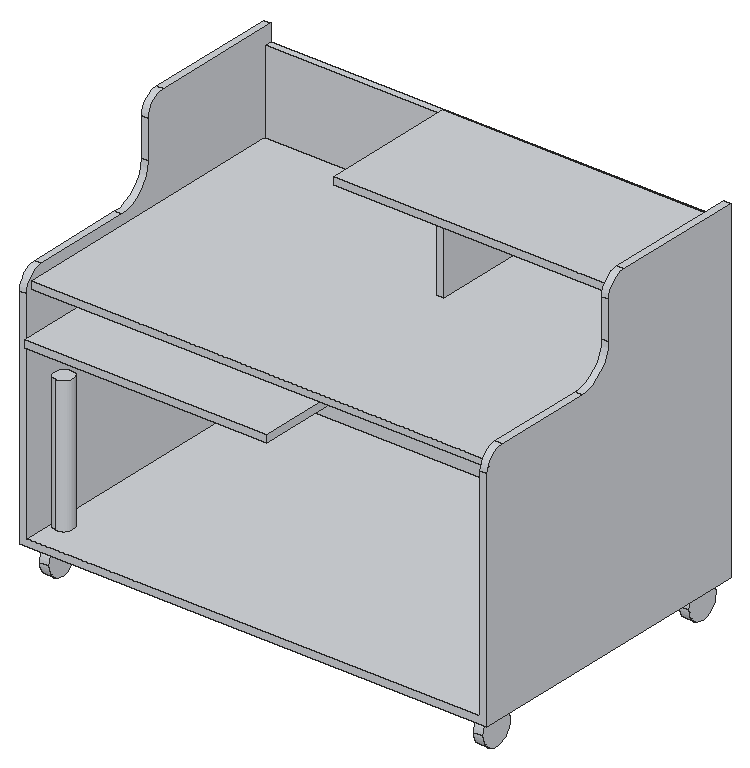
Revit family "Cabinet Lab Workstation", category Furniture, host Floor, Revit 2011
Parameters (values of type "Lab Workstation")
  Width = 49 1/2"
  Wheel Height = 3 1/2"
  URL = "http://www.wengercorp.com/Home/Contact.html"
  Part Number = ""
  Manufacturer = "Wenger Corporation"
  Length = 32.24"
  Keynote = "Wenger Cabinet Lab Workstation"
  Height [instance] = 39"
  Actual Height [instance] = if(Height < 39", 39", if(Height > 46", 46", Height))  # 39"
  Description = "Lab Workstation"
  Assembly Code = ""
Types (2): name | Height | Actual Height
  Lab Workstation | 39" | 39"
  Cabinet Lab Workstation | 42 1/2" | 42 1/2"
Reference planes (in)
  plane 1 "Center (Front/Back)": y = 0
  plane 2: z = 0
  plane 3 "Center (Left/Right)": x = 0
  plane 4 "Left Side": x = 24.75
  plane 5 "Right Side": x = -24.75
  plane 6 "Front": y = -16.12
  plane 7 "Back": y = 16.12
  plane 8 "Height Wheel": z = 3.5
  plane 9 "Bottom of Cabinet": z = 3.5
  plane 10: z = 39
  plane 11 "ehh": z = 28.5
  plane 12 "Almost Top": z = 37.75
  plane 13: z = 25.75
  plane 14: z = 25
  plane 15: z = 27.75
  plane 16: z = 29.5
  plane 17: z = 4.25
  plane 18: z = 37
Forms (in)
  Extrusion 1, solid
    sketch origin (24.75, 0, 0) x (0, 1, 0) y (0, 0, 1)
      loop
        line (-16.12, 3.5) -> (16.12, 3.5) -> (16.12, 39) -> (2, 39)
        arc (2, 39) -> (0.58579, 38.41421) -> (0, 37) r 2
        line (0, 37) -> (0, 33)
        arc (0, 33) -> (-1.02513, 30.52513) -> (-3.5, 29.5) r 3.5
        line (-3.5, 29.5) -> (-14.12, 29.5)
        arc (-14.12, 29.5) -> (-15.53421, 28.91421) -> (-16.12, 27.5) r 2
        line (-16.12, 27.5) -> (-16.12, 3.5)
    from 0 to -0.75
  Extrusion 2, solid
    sketch origin (-24.75, 0, 0) x (0, 1, 0) y (0, 0, 1)
      loop
        line (-16.12, 3.5) -> (16.12, 3.5) -> (16.12, 39) -> (2, 39)
        arc (2, 39) -> (0.58579, 38.41421) -> (0, 37) r 2
        line (0, 37) -> (0, 33)
        arc (0, 33) -> (-1.02513, 30.52513) -> (-3.5, 29.5) r 3.5
        line (-3.5, 29.5) -> (-14.12, 29.5)
        arc (-14.12, 29.5) -> (-15.53421, 28.91421) -> (-16.12, 27.5) r 2
        line (-16.12, 27.5) -> (-16.12, 3.5)
    from 0 to 0.75
  Extrusion 3, solid
    sketch origin (0, 0, 3.5) x (0, -1, 0) y (1, 0, 0)
      loop
        line (-16.12, -24) -> (-15.37, -24) -> (-15.37, 24) -> (-16.12, 24) -> (-16.12, -24)
    from 0 to 33.75
  Extrusion 4, solid
    sketch origin (24.75, 0, 0) x (0, 1, 0) y (0, 0, 1)
      loop
        line (15.37, 28.5) -> (-15.63, 28.5) -> (-15.63, 27.75) -> (15.37, 27.75) -> (15.37, 28.5)
    from 0 to -49.5
  Extrusion 5, solid
    sketch origin (24.75, 0, 0) x (0, 1, 0) y (0, 0, 1)
      loop
        line (15.37, 3.5) -> (15.37, 4.25) -> (-16.12, 4.25) -> (-16.12, 3.5) -> (15.37, 3.5)
    from 0 to -49.5
  Extrusion 6, solid
    sketch origin (3.75, 0, -0.26776) x (1, 0, 0) y (0, 0, 1)
      loop
        line (0, 37.26776) -> (0, 28.76776) -> (0.75, 28.76776) -> (0.75, 37.26776) -> (0, 37.26776)
    from -15.37 to -3.43999
  Extrusion 7, solid
    sketch origin (-24.75, 0, 0) x (0, 1, 0) y (0, 0, 1)
      loop
        line (15.37, 37) -> (15.37, 37.75) -> (0.87, 37.75) -> (0.87, 37) -> (15.37, 37)
    from 19.62092 to 49.5
  Extrusion 8, solid
    sketch origin (-24.75, 0, -2) x (0, 1, 0) y (0, 0, 1)
      loop
        line (3.58301, 27.75) -> (-19.91699, 27.75) -> (-19.91699, 27) -> (3.58301, 27) -> (3.58301, 27.75)
    from 3.59253 to 29.23795
  Extrusion 9, solid
    sketch origin (-23.4375, 2.75, 0) x (0, 1, 0) y (0, 0, 1)
      loop
        circle (-16.12, 1.75) r 1.75
    from 0 to 1
  Extrusion 10, solid
    sketch origin (-23.4375, 30, 0) x (0, 1, 0) y (0, 0, 1)
      loop
        circle (-16.12, 1.75) r 1.75
    from 0 to 1
  Extrusion 11, solid
    sketch origin (23.53125, 2.75, 0) x (0, 1, 0) y (0, 0, -1)
      loop
        circle (-16.12, -1.75) r 1.75
    from 0 to 1
  Extrusion 12, solid
    sketch origin (23.53125, 30, 0) x (0, 1, 0) y (0, 0, -1)
      loop
        circle (-16.12, -1.75) r 1.75
    from 0 to 1
  Extrusion 13, solid
    sketch origin (-0.75, -0.875, 3.5) x (0, -1, 0) y (1, 0, 0)
      loop
        circle (11.62, 23.75) r 1
    from -0.25 to 0
  Extrusion 14, solid
    sketch origin (-0.75, 1.375, 3.5) x (0, 1, 0) y (-1, 0, 0)
      loop
        circle (11.62, -23.75) r 1
    from -0.25 to 0
  Extrusion 15, solid
    sketch origin (0.75, -0.875, 3.5) x (0, -1, 0) y (1, 0, 0)
      loop
        circle (11.62, -23.75) r 1
    from -0.25 to 0
  Extrusion 16, solid
    sketch origin (0.75, 1.375, 3.5) x (0, 1, 0) y (-1, 0, 0)
      loop
        circle (11.62, 23.75) r 1
    from -0.25 to 0
  Extrusion 17, solid
    sketch origin (0, 0, 3.5) x (0, -1, 0) y (1, 0, 0)
      loop
        circle (-12.995, 23) r 1
    from 0.75 to 15
  Extrusion 18, solid
    sketch origin (0, 0, 3.5) x (0, -1, 0) y (1, 0, 0)
      loop
        circle (-12.995, -23) r 1
    from 0.75 to 15
  Extrusion 19, solid
    sketch origin (0, 0.5, 3.5) x (0, 1, 0) y (-1, 0, 0)
      loop
        circle (-12.995, -23) r 1
    from 0.75 to 15
  Extrusion 20, solid
    sketch origin (0, 0.5, 3.5) x (0, 1, 0) y (-1, 0, 0)
      loop
        circle (-12.995, 23) r 1
    from 0.75 to 15
Cuts and joins
  joined: Extrusion 1, Extrusion 2, Extrusion 4, Extrusion 5, Extrusion 7
Dimensions and locks (in)
  equal spacing: host sketch curve, plane 1 "Center (Front/Back)", host sketch curve
  equal spacing: host sketch curve, plane 3 "Center (Left/Right)", host sketch curve
  host sketch curve to host sketch curve = 120"  (x2)
  equal spacing: plane 5 "Right Side", plane 3 "Center (Left/Right)", plane 4 "Left Side"
  "Width": plane 5 "Right Side" to plane 4 "Left Side"
  equal spacing: plane 7 "Back", plane 1 "Center (Front/Back)", plane 6 "Front"
  "Length": plane 7 "Back" to plane 6 "Front"
  locked: plane 8 "Height Wheel" to level at 3.5
  locked: plane 10 to plane 9 "Bottom of Cabinet" at 35.5
  locked: plane 10 to plane 12 "Almost Top" at 1.25
  locked: plane 12 "Almost Top" to plane 18 at 0.75
  locked: plane 18 to plane 11 "ehh" at 8.5
  locked: plane 11 "ehh" to plane 15 at 0.75
  locked: plane 15 to plane 13 at 2
  locked: plane 13 to plane 14 at 0.75
  locked: plane 9 "Bottom of Cabinet" to plane 17 at 0.75
  locked: plane 11 "ehh" to plane 16 at 1
  "Actual Height": plane 10 to level
  aligned and locked: level to plane 2
  aligned and locked: Extrusion 1 sketch curve to plane 9 "Bottom of Cabinet"
  aligned and locked: Extrusion 1 sketch curve to plane 6 "Front"
  aligned and locked: plane 7 "Back" to Extrusion 1 sketch curve
  aligned and locked: plane 11 "ehh" to Extrusion 4 sketch curve
  aligned and locked: Extrusion 3 to Extrusion 5 sketch curve
  aligned and locked: Extrusion 7 sketch curve to plane 12 "Almost Top"
  aligned and locked: plane 13 to Extrusion 8 sketch curve
  aligned and locked: Extrusion 8 sketch curve to plane 14
  aligned and locked: Extrusion 4 sketch curve to plane 15
  aligned and locked: plane 10 to Extrusion 1 sketch curve
  aligned and locked: plane 16 to Extrusion 1 sketch curve
  aligned and locked: plane 18 to Extrusion 7 sketch curve
  aligned and locked: Extrusion 2 sketch curve to plane 10
  aligned and locked: Extrusion 2 sketch curve to plane 16
  aligned and locked: plane 9 "Bottom of Cabinet" to Extrusion 2 sketch curve
  aligned and locked: Extrusion 6 to cut or joined group of Extrusion 1, Extrusion 2, Extrusion 4, Extrusion 5, Extrusion 7
  aligned and locked: Extrusion 6 to plane 11 "ehh"
  aligned: plane 8 "Height Wheel" to Extrusion 13
  aligned: plane 8 "Height Wheel" to Extrusion 14
  aligned: plane 8 "Height Wheel" to Extrusion 16
  aligned: plane 8 "Height Wheel" to Extrusion 15
  aligned and locked: plane 9 "Bottom of Cabinet" to Extrusion 13
  aligned and locked: plane 9 "Bottom of Cabinet" to Extrusion 14
  aligned and locked: plane 9 "Bottom of Cabinet" to Extrusion 15
  aligned and locked: plane 9 "Bottom of Cabinet" to Extrusion 16
Automatic sketch dimensions
  Extrusion 2 sketch curve to plane 6 "Front" = 0"
  Extrusion 2 sketch curve to plane 1 "Center (Front/Back)" = 0"
  Extrusion 2 sketch curve to plane 7 "Back" = 0"
  plane 6 "Front" to Extrusion 2 sketch curve = 2"
  plane 1 "Center (Front/Back)" to Extrusion 2 sketch curve = 3 1/2"
  Extrusion 2 sketch curve to Extrusion 2 sketch curve = 2"
  Extrusion 3 sketch curve to plane 7 "Back" = 0"
  Extrusion 3 sketch curve to Extrusion 3 sketch curve = 3/4"
  plane 5 "Right Side" to Extrusion 3 sketch curve = 3/4"
  Extrusion 3 sketch curve to plane 4 "Left Side" = 3/4"
  plane 6 "Front" to Extrusion 4 sketch curve = 0.49"
  Extrusion 4 sketch curve to plane 7 "Back" = 3/4"
  Extrusion 5 sketch curve to plane 6 "Front" = 0"
  Extrusion 5 sketch curve to plane 7 "Back" = 3/4"
  plane 9 "Bottom of Cabinet" to Extrusion 5 sketch curve = 3/4"
  Extrusion 6 sketch curve to plane 11 "ehh" = 0"
  plane 3 "Center (Left/Right)" to Extrusion 6 sketch curve = 3 3/4"
  Extrusion 6 sketch curve to Extrusion 6 sketch curve = 3/4"
  Extrusion 6 sketch curve to plane 10 = 2"
  Extrusion 7 sketch curve to plane 1 "Center (Front/Back)" = 0.87"
  Extrusion 7 sketch curve to plane 7 "Back" = 3/4"
  Extrusion 8 sketch curve to plane 6 "Front" = 3.79699"
  Extrusion 8 sketch curve to plane 1 "Center (Front/Back)" = 3.58301"
  plane 6 "Front" to Extrusion 9 sketch curve = 2 3/4"
  level to Extrusion 9 sketch curve = 1 3/4"
  Extrusion 10 sketch curve to plane 7 "Back" = 2.24"
  level to Extrusion 10 sketch curve = 1 3/4"
  plane 6 "Front" to Extrusion 11 sketch curve = 2 3/4"
  level to Extrusion 11 sketch curve = 1 3/4"
  Extrusion 12 sketch curve to plane 7 "Back" = 2.24"
  level to Extrusion 12 sketch curve = 1 3/4"
  plane 7 "Back" to Extrusion 14 sketch curve = 3 1/8"
  plane 4 "Left Side" to Extrusion 14 sketch curve = 1 3/4"
  Extrusion 15 sketch curve to plane 5 "Right Side" = 1 3/4"
  Extrusion 15 sketch curve to plane 6 "Front" = 3 5/8"
  Extrusion 16 sketch curve to plane 7 "Back" = 3 1/8"
  plane 5 "Right Side" to Extrusion 16 sketch curve = 1 3/4"
  Extrusion 17 sketch curve to plane 7 "Back" = 3 1/8"
  Extrusion 17 sketch curve to plane 4 "Left Side" = 1 3/4"
  plane 7 "Back" to Extrusion 18 sketch curve = 3 1/8"
  Extrusion 18 sketch curve to plane 5 "Right Side" = 1 3/4"
  Extrusion 19 sketch curve to plane 6 "Front" = 3 5/8"
  plane 4 "Left Side" to Extrusion 19 sketch curve = 1 3/4"
  plane 6 "Front" to Extrusion 20 sketch curve = 3 5/8"
  plane 5 "Right Side" to Extrusion 20 sketch curve = 1 3/4"
  Extrusion 13 sketch curve to plane 4 "Left Side" = 1 3/4"
  plane 6 "Front" to Extrusion 13 sketch curve = 3 5/8"
  Extrusion 1 sketch curve to plane 1 "Center (Front/Back)" = 0"
  plane 6 "Front" to Extrusion 1 sketch curve = 2"
  Extrusion 1 sketch curve to Extrusion 1 sketch curve = 3 1/2"
  Extrusion 1 sketch curve to plane 12 "Almost Top" = 3/4"
  radius of Extrusion 9 sketch curve = 1 3/4"
  radius of Extrusion 10 sketch curve = 1 3/4"
  radius of Extrusion 11 sketch curve = 1 3/4"
  radius of Extrusion 12 sketch curve = 1 3/4"
  radius of Extrusion 14 sketch curve = 1"
  radius of Extrusion 15 sketch curve = 1"
  radius of Extrusion 16 sketch curve = 1"
  radius of Extrusion 17 sketch curve = 1"
  radius of Extrusion 18 sketch curve = 1"
  radius of Extrusion 19 sketch curve = 1"
  radius of Extrusion 20 sketch curve = 1"
  radius of Extrusion 13 sketch curve = 1"
